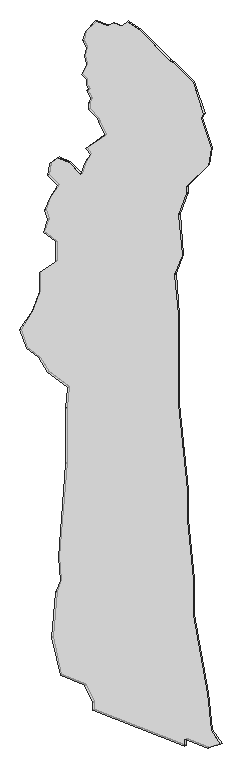
Revit family "Flat Arab Lady 01", category Entourage, Revit 2015
Parameters
  Flat Material [instance] = none
  Height = 0 mm
Reference planes
  plane 1 "Center (Front/Back)": y = 0
  plane 2: z = 0
  plane 3 "Center (Left/Right)": x = 0
  plane 4: z = 1800
Forms (mm)
  Extrusion 1, solid, material <- "Flat Material"
    sketch origin (0, 0, 0) x (1, 0, 0) y (0, 0, 1)
      loop
        line (214.194, 37.239) -> (189.51, 61.922) -> (179.152, 146.289) -> (142.767, 317.464) -> (142.767, 402.464) -> (126.315, 536.458) -> (126.315, 606.458) -> (102.55, 800.005) -> (102.55, 1010.005) -> (94.27, 1104.643) -> (112.906, 1155.843) -> (104.626, 1250.482) -> (125.147, 1306.863) -> (125.147, 1321.863) -> (181.786, 1391.806) -> (189.6, 1436.123) -> (163.714, 1495.746) -> (170.053, 1509.34) -> (142.175, 1573.55) -> (90.214, 1603.55) -> (80.214, 1603.55) -> (2.271, 1648.55) -> (-31.776, 1656.659) -> (-47.682, 1640.753) -> (-67.682, 1640.753) -> (-84.065, 1629.282) -> (-114.065, 1629.282) -> (-142.385, 1594.31) -> (-148.177, 1569.99) -> (-139.574, 1557.703) -> (-144.75, 1535.971) -> (-139.574, 1516.652) -> (-152.564, 1488.794) -> (-139.574, 1481.294) -> (-139.574, 1468.502) -> (-133.022, 1461.951) -> (-138.852, 1456.121) -> (-128.102, 1440.769) -> (-132.543, 1428.567) -> (-132.543, 1413.632) -> (-110.893, 1401.132) -> (-106.91, 1391.959) -> (-90.533, 1368.569) -> (-140.03, 1319.072) -> (-129.424, 1308.465) -> (-141.924, 1286.815) -> (-153.894, 1253.925) -> (-184.205, 1271.425) -> (-214.024, 1271.425) -> (-235.237, 1250.212) -> (-240.446, 1220.668) -> (-214.466, 1205.668) -> (-236.966, 1166.697) -> (-248.936, 1133.807) -> (-240.971, 1115.462) -> (-252.942, 1082.573) -> (-220.053, 1070.602) -> (-220.053, 1025.602) -> (-262.479, 983.176) -> (-262.479, 938.176) -> (-281.29, 886.493) -> (-313.79, 830.201) -> (-297.739, 793.231) -> (-264.85, 781.261) -> (-240.101, 756.512) -> (-188.418, 737.701) -> (-192.776, 687.891) -> (-192.776, 557.891) -> (-212.822, 328.766) -> (-208.275, 276.798) -> (-220.246, 243.909) -> (-229.833, 134.327) -> (-207.833, 52.224) -> (-142.833, 52.224) -> (-122.808, 17.538) -> (-122.808, 0) -> (120.072, 0) -> (120.072, 17.538) -> (180.072, 17.538) -> (214.194, 37.239)
    from -2.5 to 2.5
Lines and regions (mm)
  model lines
    curve 1: line (0, 148, 0) -> (0, -152, 0)
    curve 2: line (148.202, -0.202, 0) -> (-151.798, -0.202, 0)
Dimensions and locks
  aligned and locked: level to plane 2
